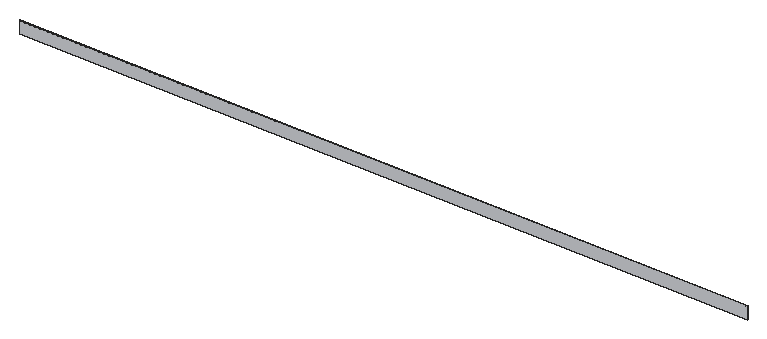
Revit family "Cable Tray_scheidingsschot_LYNK", category Generic Models, Revit 2024
Family settings
  Can host rebar = No
  Round Connector Dimension = Use Diameter
  Part Type = Normal
  Work Plane-Based = No
  Always vertical = Yes
  Cut with Voids When Loaded = No
  Maintain Annotation Orientation = No
  Shared = No
  Room Calculation Point = No
Parameters
  scheidingsschot_lengte_mm [instance] = 3000 mm
  scheidingsschot_hoogte_mm [instance] = 50 mm
  kantelhoek [instance] = 0.00°
  Scheidingsschot_ = 50 mm
  Default Elevation = 0 mm
Reference planes
  plane 1 "Center (Front/Back)": y = 0
  plane 2: z = 0
  plane 3 "Center (Left/Right)": x = 0
Dimensions and locks
  aligned and locked: level to plane 2
Nested families
  nested 1: "draaiobject_LYNK" at (0, 0, -2) x (1, 0, 0) z (0, -1, 0), hoek <- "kantelhoek", type "draaiobject_LYNK", not visible
    with hoek 0.00°
  nested 2: "Partition_LYNK" at (1500, 1.022, 0), Partition_Heigth_mm <- "scheidingsschot_hoogte_mm", Partition_Length_mm <- "scheidingsschot_lengte_mm", type "Partition_LYNK"
    with Partition_Length_mm 3000 mm, Partition_Heigth_mm 50 mm
Definition of nested family "draaiobject_LYNK"
  Parameters (values of type "draaiobject_LYNK")
    hoek [instance] = 45.00°
    Default Elevation = 1219.2 mm
  Reference planes
    plane 1 "Center (Front/Back)": y = 0
    plane 2: z = 0
    plane 3 "Center (Left/Right)": x = 0
  Forms (mm)
    Extrusion 1, solid
      sketch origin (0, 0, 0) x (1, 0, 0) y (0, 1, 0)
        loop
          line (-1.414, 1.414) -> (1.414, -1.414) -> (8.485, 5.657) -> (5.657, 8.485) -> (-1.414, 1.414)
      from 0 to -2
  Lines and regions (mm)
    reference lines
      curve 1: line (0, 0, 0) -> (24.749, 24.749, 0)
      curve 2: line (0, 0, 0) -> (-7.071, 7.071, 0)
      curve 3: line (7.071, 7.071, 0) -> (0, 14.142, 0)
  Dimensions and locks
    equal spacing: Extrusion 1 sketch curve, curve 1, Extrusion 1 sketch curve
    curve 3 to curve 2 = 10 mm
    locked: Extrusion 1 sketch curve to Extrusion 1 sketch curve at 4
    "hoek": angle plane 1 "Center (Front/Back)" to curve 1
    locked: curve 1 to curve 2 (angle 90.00°)
    locked: curve 1 to curve 3 (angle 90.00°)
    aligned and locked: level to plane 2
    aligned and locked: plane 3 "Center (Left/Right)" to curve 1
    aligned and locked: plane 1 "Center (Front/Back)" to curve 1
    aligned and locked: curve 2 to Extrusion 1 sketch curve
    aligned and locked: curve 3 to Extrusion 1 sketch curve
  Automatic sketch dimensions
    curve 2 to curve 1 = 0 mm  (x2)
    curve 1 to curve 3 = 0 mm
Definition of nested family "Partition_LYNK"
  Parameters (values of type "Partition_LYNK")
    Partition_Length_mm [instance] = 3000 mm
    Partition_Heigth_mm [instance] = 50 mm
    Default Elevation = 1219.2 mm
  Reference planes
    plane 1 "Center (Front/Back)": y = 0
    plane 2: z = 0
    plane 3 "Center (Left/Right)": x = 0
  Forms (mm)
    Extrusion 1, solid
      sketch origin (0, 0, 0) x (1, 0, 0) y (0, 1, 0)
        loop
          line (-1219.2, 1219.2) -> (-1219.2, -1219.2) -> (1219.2, -1219.2) -> (1219.2, 1219.2) -> (-1219.2, 1219.2)
      from 0 to -304.8
    Extrusion 2, solid
      sketch origin (-1500, 0, 0) x (0, -1, 0) y (-1, 0, 0)
        loop
          line (0, 0) -> (-1, 0) -> (-1, -3000) -> (1, -3000) -> (1, 0) -> (0, 0)
      from 0 to -50
  Dimensions and locks
    Extrusion 2 sketch curve to Extrusion 2 sketch curve = 2 mm
    "Partition_Length_mm": Extrusion 2 to Extrusion 2
    "Partition_Heigth_mm": Extrusion 2 to Extrusion 2
    aligned and locked: plane 2 to Extrusion 1
    aligned and locked: level to Extrusion 1
  Automatic sketch dimensions
    Extrusion 1 sketch curve to Extrusion 1 sketch curve = 2438.4 mm  (x2)
    plane 1 "Center (Front/Back)" to Extrusion 2 sketch curve = 0 mm
    Extrusion 2 sketch curve to plane 1 "Center (Front/Back)" = 1 mm
    Extrusion 2 sketch curve to plane 3 "Center (Left/Right)" = 1500 mm
    plane 3 "Center (Left/Right)" to Extrusion 2 sketch curve = 1500 mm
